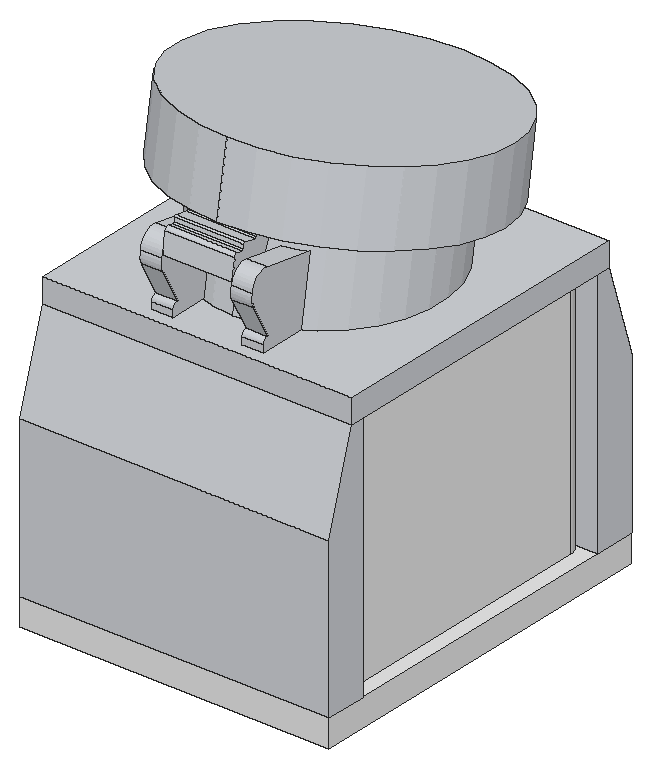
Revit family "Building-IEC309Connections-GEWISS-IEC309HP-10°_SURFACE-MOUNT_SOCKET_63A_IP67", category Apparecchi elettrici, host Superficie, Revit 2019
Family settings
  Host = Superficie
  Mantenere orientamento annotazione = Sì
  Quota connettore circolare = Usa diametro
  Tipo di parte = Normale
  Taglio con vuoti quando caricato = No
  Condiviso = No
  Punto di calcolo locali = Sì
Parameters (values of type "GW63455 - IP67 10°W.RECEPTACLE 3P+N+T 63A 500V 7H")
  simbolo acceso [instance] = yes
  distanza_simbolo [instance] = 1 mm
  distanza dal piano [instance] = 0 mm
  W = 115 mm  # constant formula
  Version file RFA = "21.11"
  URL = "https://www.gewiss.com/ww/en"
  Typology = "10° angled surface-mounting socket-outlet"
  Type of wiring = "With screw"
  Total number of operations = "-2000"
  Thermo-pressure with ball = "125 °C (active parts) - 80 °C (passive parts)"
  Terminal tightening capacity = "6-16mm² flexible cables - 6-25mm² rigid cables"
  Technical sheet = "https://www.gewiss.com/ww/en/search?q=GW63455"
  Spostamento_effettivo_S [instance] = 4000 mm - Spostamento_S  # 3045 mm
  Spostamento_S = 955 mm
  Sportello_visibile = yes
  Shock resistance = "IK08"
  SPinotto = Default(2)
  SEO = "Socket outlet"
  Reference h = "7"
  Realized by GEWISS S.p.A. = ""
  Rated voltage = "480-500V"
  Rated current (A) = "63"
  Prospetto di default = 500 mm
  Produttore = "GEWISS S.p.A."
  Product in stock = ""
  Piastra = Default(2)
  Operating temperature: = "-25 +55 °C"
  No. of poles = "3P+N+E"
  Model = "GW63455"
  L = 155 mm  # constant formula
  Insulation resistance = "- 10 M?"
  Immagine tipo = (empty or 0)
  IP degree = "IP67"
  IDT = "15153d86c57c49878308f32a8a00a04c"
  IDF = "a99b4e51-d2f9-480d-8e29-7017fde74b5e"
  Glow wire test: = "850 °C (active parts) - 650 °C (passive parts)"
  Frequency = "50/60 Hz"
  FORMULA = 1000 mm * 1  # 1000 mm
  Electrocod = "2211"
  Description = "IP67 10°W.RECEPTACLE 3P+N+T 63A 500V 7H"
  Corpo centrale = Default(2)
  Colour: = "Black"
  Catalogue = "BUILDING"
  COBie.Tagnumber = ""
  COBie.CreatedOn = ""
  COBie.CreatebBy = ""
  COBie.ComponentRegisterItemID = ""
  COBie.Component.TagNumber = ""
  COBie.Component.Space = ""
  COBie.Component.SerialNumber = ""
  COBie.Component.InstallationDate = ""
  COBie.Component.Description = ""
  COBie.Component.BarCode = ""
  Breaking capacity at 1.1 Un = "79A"
  BLOCCO = "B=C"
Types (11, lengths in mm): name | Technical sheet | Reference h | Rated voltage | Operating temperature: | No. of poles | Model | IDT | Description | Colour:
  GW63445 - IP67 10°W.RECEPTACLE 2P+E 63A 110V 4H | "https://www.gewiss.com/ww/en/search?q=GW63445" | "4" | "100-130V" | "-25 +55 °C" | "2P+E" | "GW63445" | "8ff042aae6ac4c248c782e1c43dc5ece" | "IP67 10°W.RECEPTACLE 2P+E 63A 110V 4H" | "Yellow"
  GW63446 - IP67 10°W.RECEPTACLE 3P+E 63A 110V 4H | "https://www.gewiss.com/ww/en/search?q=GW63446" | "4" | "100-130V" | "-25 +55 °C" | "3P+E" | "GW63446" | "d4083f72ce60417e982ef3a30cb30fec" | "IP67 10°W.RECEPTACLE 3P+E 63A 110V 4H" | "Yellow"
  GW63447 - IP67 10°W.RECEPTACLE 3P+N+T 63A 110V 4H | "https://www.gewiss.com/ww/en/search?q=GW63447" | "4" | "100-130V" | "-25 +55 °C" | "3P+N+E" | "GW63447" | "2a76dd4a0eaa4ca796a549f6f6cbe8bf" | "IP67 10°W.RECEPTACLE 3P+N+T 63A 110V 4H" | "Yellow"
  GW63448 - IP67 10°W.RECEPTACLE 2P+E 63A 230V 6H | "https://www.gewiss.com/ww/en/search?q=GW63448" | "6" | "200-250V" | "-25 +55 °C" | "2P+E" | "GW63448" | "09d5438df8d14208906a7a717bcd7d22" | "IP67 10°W.RECEPTACLE 2P+E 63A 230V 6H" | "Blue"
  GW63449 - IP67 10°W.RECEPTACLE 3P+E 63A 230V 9H | "https://www.gewiss.com/ww/en/search?q=GW63449" | "9" | "200-250V" | "-25 +55 °C" | "3P+E" | "GW63449" | "5f964db3f1e146ab9a7746342c1b292e" | "IP67 10°W.RECEPTACLE 3P+E 63A 230V 9H" | "Blue"
  GW63450 - IP67 10°W.RECEPTACLE 3P+N+T 63A 230V 9H | "https://www.gewiss.com/ww/en/search?q=GW63450" | "9" | "200-250V" | "-25 +55 °C" | "3P+N+E" | "GW63450" | "890dbf9ca88e4dfdbd2b79f02c95ef3f" | "IP67 10°W.RECEPTACLE 3P+N+T 63A 230V 9H" | "Blue"
  GW63451 - IP67 10°W.RECEPTACLE 2P+E 63A 400V 9H | "https://www.gewiss.com/ww/en/search?q=GW63451" | "9" | "380-415V" | "-25 +55 °C" | "2P+E" | "GW63451" | "7c9f5a66c0f14478a99335c7a54bd66c" | "IP67 10°W.RECEPTACLE 2P+E 63A 400V 9H" | "Red"
  GW63452 - IP67 10°W.RECEPTACLE 3P+E 63A 400V 6H | "https://www.gewiss.com/ww/en/search?q=GW63452" | "6" | "380-415V" | "-25 +55 °C" | "3P+E" | "GW63452" | "b4e37fa85a2b42949da5b6e04df34645" | "IP67 10°W.RECEPTACLE 3P+E 63A 400V 6H" | "Red"
  GW63453 - IP67 10°W.RECEPTACLE 3P+N+T 63A 400V 6H | "https://www.gewiss.com/ww/en/search?q=GW63453" | "6" | "380-415V" | "-25 +40 °C" | "3P+N+E" | "GW63453" | "1653f39ed9454284b4bbc84ea57d8a66" | "IP67 10°W.RECEPTACLE 3P+N+T 63A 400V 6H" | "Red"
  GW63454 - IP67 10°W.RECEPTACLE 3P+E 63A 500V 7H | "https://www.gewiss.com/ww/en/search?q=GW63454" | "7" | "480-500V" | "-25 +55 °C" | "3P+E" | "GW63454" | "6c43a565a56c459c81ac792d6e149e6e" | "IP67 10°W.RECEPTACLE 3P+E 63A 500V 7H" | "Black"
  GW63455 - IP67 10°W.RECEPTACLE 3P+N+T 63A 500V 7H | "https://www.gewiss.com/ww/en/search?q=GW63455" | "7" | "480-500V" | "-25 +55 °C" | "3P+N+E" | "GW63455" | "15153d86c57c49878308f32a8a00a04c" | "IP67 10°W.RECEPTACLE 3P+N+T 63A 500V 7H" | "Black"
Reference planes
  plane 1 "Centro (Fronte/Retro)": y = 0
  plane 2: z = 0
  plane 3 "Centro (Sinistra/Destra)": x = 0
  plane 4: x = -3000
  plane 5: x = 45
  plane 6: z = 0
Dimensions and locks
  plane 4 to plane 3 "Centro (Sinistra/Destra)" = 3000 mm
  "Spostamento_effettivo_S": plane 4 to plane 5
  "distanza dal piano": plane 6 to plane 2
  aligned and locked: plane 2 to host face
  aligned and locked: level to host face
  aligned and locked: plane 3 "Centro (Sinistra/Destra)" to nested 1
  aligned and locked: plane 1 "Centro (Fronte/Retro)" to nested 1
  aligned and locked: nested 2 to plane 5
  aligned and locked: plane 1 "Centro (Fronte/Retro)" to nested 3
  aligned and locked: plane 3 "Centro (Sinistra/Destra)" to nested 3
Automatic sketch dimensions
  host sketch curve to host sketch curve = 2438.4 mm  (x2)
Nested families
  nested 1: "IEC309 PRESE FISSE PARETE 10' 63A IP67_base" at (0, 0, 0), type "IEC309 PRESE FISSE PARETE 10' 63A IP67_base"
  nested 2: "GWGW62201FH - SIMBOLO_PRESA" at (45, 171.559, 0), visible <- "simbolo acceso", Distanza dal muro <- "distanza_simbolo", type "3P"
    with SIMBOLO ACCESO yes, Distanza dal muro 1 mm
  nested 3: "IEC309 PRESE FISSE PARETE 10' 63A IP67_frontale" at (0, 0, 0), type "IEC309 PRESE FISSE PARETE 10' 63A IP67_frontale"
Connectors
  electrical at (37.5, 30, 0)
    settings: on nested 1, index 1, voltage 0 V, apparent load 0 VA, apparent load phase1 0 VA, apparent load phase2 0 VA, apparent load phase3 0 VA, power factor 1, load classification "Altro", number of poles 1, system type 31, power factor state 1, is connector primary yes, connector utility no, sub classification motor no, connector description ""
Definition of nested family "IEC309 PRESE FISSE PARETE 10' 63A IP67_base"
  Parameters (values of type "IEC309 PRESE FISSE PARETE 10' 63A IP67_base")
    sp_ghiera = 16 mm
    r2 = 42.5 mm
    h = 140 mm  # constant formula
    dis_base = 71 mm
    Sportello = yes
    Spinotto = none
    R1 = 56 mm
    PIASTRA = none
    Lunghezza totale = 140 mm
    CENTRALE = none
    Bsae = 115 mm  # constant formula
  Reference planes
    plane 1 "Centro (Fronte/Retro)": y = 0
    plane 2: z = 0
    plane 3 "Centro (Sinistra/Destra)": x = 0
    plane 4: x = 115
    plane 5: y = 140
    plane 6: x = 57.5
    plane 7: y = 134.875
    plane 8: y = 5.75
    plane 9: x = 5.75
    plane 10: x = 109
    plane 11: z = 10
    plane 12: y = 124.875
    plane 13: y = 15.75
    plane 14: z = 103
    plane 15: x = 7.498
    plane 16: y = 121.875
    plane 17: x = 107.498
    plane 18: z = 75.463
    plane 19: x = 40.01
    plane 20: x = 74.99
    plane 21: x = 12.474
    plane 22: x = 102.474
    plane 23: z = 112.088
    plane 24: y = 10.649
    plane 25: y = 129.976
  Forms (mm)
    Extrusion 1, solid, material <- "PIASTRA"
      sketch origin (0, 0, 0) x (1, 0, 0) y (0, 1, 0)
        loop
          line (0, 140) -> (0, 0) -> (115, 0) -> (115, 140) -> (0, 140)
      from 0 to 10
    Extrusion 2, void
      sketch origin (0, 0, 0) x (1, 0, 0) y (0, 1, 0)
        loop
          circle (5.75, 134.875) r 2.8
        loop
          circle (109, 134.875) r 2.8
        loop
          circle (5.75, 5.75) r 2.8
        loop
          circle (109, 5.75) r 2.8
      from 0 to 10
    Extrusion 3, solid, material <- "PIASTRA"
      sketch origin (0, 0, 0) x (1, 0, 0) y (0, 1, 0)
        loop
          line (5.75, 119.875) -> (5.75, 20.75)
          arc (5.75, 20.75) -> (7.214, 17.214) -> (10.75, 15.75) r 5
          line (10.75, 15.75) -> (104, 15.75)
          arc (104, 15.75) -> (107.536, 17.214) -> (109, 20.75) r 5
          line (109, 20.75) -> (109, 119.875)
          arc (109, 119.875) -> (107.536, 123.411) -> (104, 124.875) r 5
          line (104, 124.875) -> (10.75, 124.875)
          arc (10.75, 124.875) -> (7.214, 123.411) -> (5.75, 119.875) r 5
      from 10 to 103
    Extrusion 4, solid, material <- "PIASTRA"
      sketch origin (0, 0, 0) x (1, 0, 0) y (0, 1, 0)
        loop
          arc (12.498, 124.875) -> (8.962, 123.411) -> (7.498, 119.875) r 5
          line (7.498, 119.875) -> (7.498, 20.75)
          arc (7.498, 20.75) -> (8.962, 17.214) -> (12.498, 15.75) r 5
          line (12.498, 15.75) -> (102.498, 15.75)
          arc (102.498, 15.75) -> (106.033, 17.214) -> (107.498, 20.75) r 5
          line (107.498, 20.75) -> (107.498, 119.875)
          arc (107.498, 119.875) -> (106.033, 123.411) -> (102.498, 124.875) r 5
          line (102.498, 124.875) -> (12.498, 124.875)
      from 103 to 75.463
    Extrusion 5, solid
      sketch origin (0, 0, 0) x (1, 0, 0) y (0, 1, 0)
        loop
          line (0, 129.976) -> (0, 10.649) -> (115, 10.649) -> (115, 129.976) -> (0, 129.976)
      from 103 to 112.088
    Extrusion 6, solid
      sketch origin (0, 0, 0) x (0, 1, 0) y (0, 0, 1)
        loop
          line (0, 10) -> (15.75, 10) -> (15.75, 103) -> (10.649, 103) -> (0, 69.243) -> (0, 10)
      from 0 to 115
    Extrusion 7, solid
      sketch origin (0, 140.625, 0) x (0, -1, 0) y (0, 0, -1)
        loop
          line (0, -10) -> (0, -69.243) -> (10.649, -103) -> (15.75, -103) -> (15.75, -10) -> (0, -10)
      from 0 to 115
    Sweep 8, solid
      path origin (0, 0, 0) x (0, 1, 0) y (0, 0, 1)
        loop
          line (74.7, 136.968) -> (79.301, 163.066)
      profile origin (0, 77, 150.017) x (0, -0.984808, 0.173648) y (1, 0, 0)
        loop
          circle (0, 57.5) r 56
    Sweep 9, solid
      path origin (0, 0, 0) x (0, 1, 0) y (0, 0, 1)
        loop
          line (74.7, 136.968) -> (68.71, 103)
      profile origin (0, 71.705, 119.984) x (0, 0.984808, -0.173648) y (1, 0, 0)
        loop
          circle (0, 57.5) r 42.5
    Extrusion 10, solid
      sketch origin (0, 0, 0) x (0, 1, 0) y (0, 0, 1)
        loop
          arc (17.392, 116.588) -> (15.978, 116.002) -> (15.392, 114.588) r 2
          line (15.392, 114.588) -> (15.392, 112.088) -> (32.887, 112.088) -> (37.17, 136.376) -> (17.375, 139.867)
          arc (17.375, 139.867) -> (12.493, 138.568) -> (10.333, 134) r 6
          arc (10.333, 134) -> (10.002, 131.546) -> (10.69, 129.167) r 6
          line (10.69, 129.167) -> (17.392, 116.588)
      from 36.752 to 44.645
    Extrusion 11, solid
      sketch origin (115, 0, 0) x (0, 1, 0) y (0, 0, -1)
        loop
          line (17.392, -116.588) -> (10.69, -129.167)
          arc (10.69, -129.167) -> (10.002, -131.546) -> (10.333, -134) r 6
          arc (10.333, -134) -> (12.493, -138.568) -> (17.375, -139.867) r 6
          line (17.375, -139.867) -> (37.17, -136.376) -> (32.887, -112.088) -> (15.392, -112.088) -> (15.392, -114.588)
          arc (15.392, -114.588) -> (15.978, -116.002) -> (17.392, -116.588) r 2
      from 36.752 to 44.645
    Extrusion 12, solid
      sketch origin (0, 0, 0) x (0, 1, 0) y (0, 0, 1)
        loop
          line (22.35, 146.199) -> (22.159, 145.114)
          arc (22.159, 145.114) -> (21.954, 144.793) -> (21.582, 144.71) r 0.5
          line (21.582, 144.71) -> (16.853, 145.543)
          arc (16.853, 145.543) -> (16.455, 145.443) -> (16.267, 145.078) r 0.5
          line (16.267, 145.078) -> (16.013, 143.661)
          arc (16.013, 143.661) -> (15.809, 143.339) -> (15.437, 143.254) r 0.5
          line (15.437, 143.254) -> (13.464, 143.602)
          arc (13.464, 143.602) -> (12.343, 143.354) -> (11.727, 142.386) r 1.5
          line (11.727, 142.386) -> (10.424, 135.001)
          arc (10.424, 135.001) -> (12.846, 138.842) -> (17.265, 139.886) r 6
          line (17.265, 139.886) -> (26.013, 138.343) -> (28.674, 145.084) -> (22.35, 146.199)
      from 44.645 to 70.355
  Cuts and joins
    Extrusion 2 cuts Extrusion 1
    joined: Extrusion 1, Extrusion 3
    joined: Extrusion 5, Sweep 9
  Dimensions and locks
    plane 3 "Centro (Sinistra/Destra)" to plane 4 = 115 mm
    plane 1 "Centro (Fronte/Retro)" to plane 5 = 140 mm
    equal spacing: plane 3 "Centro (Sinistra/Destra)", plane 6, plane 4
    locked: plane 3 "Centro (Sinistra/Destra)" to plane 9 at 5.75
    locked: plane 10 to plane 4 at 6
    locked: plane 1 "Centro (Fronte/Retro)" to plane 8 at 5.75
    locked: plane 5 to plane 7 at 5.125
    locked: plane 11 to level at 10
    "Bsae": plane 3 "Centro (Sinistra/Destra)" to plane 4
    "h": plane 1 "Centro (Fronte/Retro)" to plane 5
    locked: plane 12 to plane 7 at 10
    locked: plane 8 to plane 13 at 10
    locked: plane 14 to plane 11 at 93
    locked: plane 17 to plane 10 at 1.502
    locked: plane 12 to plane 16 at 3
    equal spacing: plane 19, plane 6, plane 20
    plane 19 to plane 20 = 34.979 mm
    locked: plane 9 to plane 21 at 6.724
    locked: plane 22 to plane 10 at 6.526
    plane 13 to plane 12 = 109.125 mm
    locked: plane 23 to plane 14 at 9.088
    diameter of cut or joined group of Extrusion 1, Extrusion 2, Extrusion 3 = 5.6 mm
    radius of Extrusion 3 sketch curve = 5 mm  (x3)
    radius of Extrusion 4 sketch curve = 5 mm  (x3)
    "R1": radius of Sweep 8 sketch curve
    "r2": radius of Sweep 9 sketch curve
    aligned and locked: level to plane 2
    aligned and locked: Extrusion 1 sketch curve to plane 3 "Centro (Sinistra/Destra)"
    aligned and locked: Extrusion 1 sketch curve to plane 5
    aligned and locked: Extrusion 1 sketch curve to plane 4
    aligned and locked: Extrusion 1 sketch curve to plane 1 "Centro (Fronte/Retro)"
    aligned and locked: plane 11 to Extrusion 1
    aligned and locked: plane 9 to Extrusion 2 sketch curve  (x2)
    aligned and locked: plane 7 to Extrusion 2 sketch curve  (x2)
    aligned and locked: plane 10 to Extrusion 2 sketch curve  (x2)
    aligned and locked: plane 8 to Extrusion 2 sketch curve  (x2)
    aligned and locked: cut or joined group of Extrusion 1, Extrusion 2, Extrusion 3 to level
    aligned and locked: Extrusion 1 to Extrusion 2
    aligned and locked: Extrusion 3 sketch curve to plane 9
    aligned and locked: Extrusion 3 sketch curve to plane 10
    aligned and locked: Extrusion 3 sketch curve to plane 13
    aligned and locked: plane 12 to Extrusion 3 sketch curve
    aligned and locked: plane 14 to Extrusion 3
    aligned and locked: Extrusion 3 to plane 11
    aligned and locked: Extrusion 4 sketch curve to plane 15
    aligned and locked: Extrusion 4 sketch curve to plane 17
    aligned and locked: Extrusion 4 to plane 14
    aligned and locked: Extrusion 4 to plane 18
    aligned and locked: Extrusion 5 sketch curve to plane 4
    aligned and locked: Extrusion 5 sketch curve to plane 3 "Centro (Sinistra/Destra)"
    aligned and locked: Extrusion 5 to plane 14
    aligned and locked: Extrusion 5 to plane 23
    aligned and locked: Extrusion 4 sketch curve to plane 13
    aligned and locked: plane 12 to Extrusion 4 sketch curve
    aligned and locked: Extrusion 6 sketch curve to plane 1 "Centro (Fronte/Retro)"
    aligned and locked: Extrusion 6 sketch curve to plane 13
    aligned and locked: Extrusion 6 sketch curve to plane 14
    aligned and locked: Extrusion 6 sketch curve to plane 11
    aligned and locked: Extrusion 6 to plane 3 "Centro (Sinistra/Destra)"
    aligned and locked: Extrusion 6 to plane 4
    aligned and locked: Extrusion 5 sketch curve to plane 24
    aligned and locked: plane 25 to Extrusion 5 sketch curve
    aligned and locked: plane 6 to Sweep 8 sketch curve
    aligned and locked: plane 6 to Sweep 9 sketch curve
    aligned and locked: Extrusion 12 to Extrusion 10
    aligned and locked: Extrusion 12 to Extrusion 11
  Automatic sketch dimensions
    plane 21 to Extrusion 3 sketch curve = 1.724 mm
    Extrusion 4 sketch curve to plane 21 = 0.024 mm
    Extrusion 6 sketch curve to plane 24 = 0 mm
    plane 18 to Extrusion 6 sketch curve = 6.221 mm
    Extrusion 7 sketch curve to plane 11 = 0 mm
    Extrusion 7 sketch curve to plane 14 = 0 mm
    Extrusion 7 sketch curve to plane 25 = 0 mm
    Extrusion 7 sketch curve to plane 12 = 0 mm
    Extrusion 7 sketch curve to plane 5 = 0.625 mm
    Extrusion 7 sketch curve to plane 18 = 6.221 mm
    Sweep 8 sketch curve to plane 16 = 47.175 mm
    Sweep 8 sketch curve to plane 23 = 24.881 mm
    Sweep 8 sketch curve to Sweep 8 sketch curve = 4.602 mm
    Sweep 8 sketch curve to Sweep 8 sketch curve = 26.097 mm
    Sweep 9 sketch curve to plane 14 = 0 mm
    Sweep 9 sketch curve to plane 13 = 52.96 mm
    Sweep 9 sketch curve to Sweep 9 sketch curve = 5.99 mm
    Sweep 9 sketch curve to plane 23 = 24.881 mm
    plane 23 to Extrusion 10 sketch curve = 0 mm
    plane 13 to Extrusion 10 sketch curve = 0.358 mm
    Extrusion 10 sketch curve to plane 13 = 0.236 mm
    Extrusion 10 sketch curve to plane 13 = 0.583 mm
    Extrusion 10 sketch curve to plane 13 = 1.642 mm  (x2)
    Extrusion 10 sketch curve to Extrusion 10 sketch curve = 15.495 mm
    Extrusion 10 sketch curve to Extrusion 10 sketch curve = 20.837 mm
    Extrusion 10 sketch curve to plane 23 = 2.5 mm
    Extrusion 10 sketch curve to Extrusion 10 sketch curve = 2 mm
    Extrusion 10 sketch curve to Extrusion 10 sketch curve = 15.401 mm
    Extrusion 10 sketch curve to Extrusion 10 sketch curve = 1.97 mm
    Extrusion 10 sketch curve to Extrusion 10 sketch curve = 2.418 mm
    Extrusion 10 sketch curve to plane 24 = 0.042 mm
    Extrusion 10 sketch curve to Extrusion 10 sketch curve = 0 mm  (x5)
    plane 24 to Extrusion 10 sketch curve = 0.316 mm
    Extrusion 10 sketch curve to plane 13 = 1.625 mm
    Extrusion 10 sketch curve to Extrusion 10 sketch curve = 2.821 mm
    plane 23 to Extrusion 11 sketch curve = 0 mm
    plane 13 to Extrusion 11 sketch curve = 0.358 mm
    Extrusion 11 sketch curve to plane 13 = 0.236 mm
    Extrusion 11 sketch curve to plane 13 = 0.583 mm
    Extrusion 11 sketch curve to plane 13 = 1.642 mm  (x2)
    Extrusion 11 sketch curve to Extrusion 11 sketch curve = 15.495 mm
    Extrusion 11 sketch curve to Extrusion 11 sketch curve = 20.837 mm
    Extrusion 11 sketch curve to plane 23 = 2.5 mm
    Extrusion 11 sketch curve to Extrusion 11 sketch curve = 2 mm
    Extrusion 11 sketch curve to Extrusion 11 sketch curve = 15.401 mm
    Extrusion 11 sketch curve to Extrusion 11 sketch curve = 1.97 mm
    Extrusion 11 sketch curve to Extrusion 11 sketch curve = 2.418 mm
    Extrusion 11 sketch curve to plane 24 = 0.042 mm
    Extrusion 11 sketch curve to Extrusion 11 sketch curve = 0 mm  (x5)
    plane 24 to Extrusion 11 sketch curve = 0.316 mm
    Extrusion 11 sketch curve to plane 13 = 1.625 mm
    Extrusion 11 sketch curve to Extrusion 11 sketch curve = 2.821 mm
    Extrusion 12 sketch curve to plane 24 = 1.078 mm
    Extrusion 12 sketch curve to Extrusion 12 sketch curve = 1.477 mm
    Extrusion 12 sketch curve to Extrusion 12 sketch curve = 0.261 mm
    plane 13 to Extrusion 12 sketch curve = 0.313 mm
    plane 13 to Extrusion 12 sketch curve = 0.229 mm
    Extrusion 12 sketch curve to plane 13 = 0.263 mm
    Extrusion 12 sketch curve to plane 13 = 0.517 mm
    Extrusion 12 sketch curve to Extrusion 12 sketch curve = 0.499 mm
    Extrusion 12 sketch curve to Extrusion 12 sketch curve = 0.087 mm
    Extrusion 12 sketch curve to Extrusion 12 sketch curve = 4.729 mm
    Extrusion 12 sketch curve to Extrusion 12 sketch curve = 0.085 mm
    Extrusion 12 sketch curve to Extrusion 12 sketch curve = 0.492 mm
    Extrusion 12 sketch curve to Extrusion 12 sketch curve = 0.26 mm
    Extrusion 12 sketch curve to Extrusion 12 sketch curve = 0.348 mm
    Extrusion 12 sketch curve to Extrusion 12 sketch curve = 0.406 mm
    Extrusion 12 sketch curve to Extrusion 12 sketch curve = 1.049 mm
    Extrusion 12 sketch curve to Extrusion 12 sketch curve = 1.39 mm
    Extrusion 12 sketch curve to Extrusion 12 sketch curve = 0.027 mm
    Extrusion 12 sketch curve to Extrusion 12 sketch curve = 0.404 mm
    Extrusion 12 sketch curve to Extrusion 12 sketch curve = 0.191 mm
    Extrusion 12 sketch curve to Extrusion 12 sketch curve = 1.085 mm
    Extrusion 12 sketch curve to plane 13 = 0.583 mm
    Extrusion 12 sketch curve to plane 13 = 1.515 mm
    Extrusion 12 sketch curve to Extrusion 12 sketch curve = 4.431 mm
    Extrusion 12 sketch curve to Extrusion 12 sketch curve = 6.324 mm
    Extrusion 12 sketch curve to Extrusion 12 sketch curve = 6.366 mm
    Extrusion 12 sketch curve to Extrusion 12 sketch curve = 1.115 mm
    Extrusion 12 sketch curve to Extrusion 12 sketch curve = 3.369 mm
    plane 24 to Extrusion 12 sketch curve = 0.224 mm
    Extrusion 12 sketch curve to plane 23 = 21.871 mm
    Extrusion 12 sketch curve to Extrusion 12 sketch curve = 1.042 mm
    Sweep 8 sketch curve to profile plane = 0 mm
    Sweep 9 sketch curve to profile plane = 0 mm
    radius of Extrusion 2 sketch curve = 2.8 mm  (x4)
Definition of nested family "GWGW62201FH - SIMBOLO_PRESA"
  Parameters (values of type "3P")
    SIMBOLO ACCESO [instance] = yes
    Distanza dal muro [instance] = 0 mm
  Reference planes
    plane 1: y = 0
    plane 2: x = 0
  Dimensions and locks
    "Distanza dal muro": plane 1 to nested 1
    aligned and locked: plane 2 to nested 1
  Nested families
    nested 1: "GWGW62201FH - SIMBOLO" at (0, 0, 0), visible <- "SIMBOLO ACCESO", type "3P"
  Definition of nested family "GWGW62201FH - SIMBOLO"
    Parameters (values of type "3P")
      CORNICE SIMBOLO [instance] = yes
      3P = yes
    Reference planes
      plane 1: y = 0
      plane 2: x = 0
    Lines and regions (mm)
      detail lines
        curve 1: circle (-0.314, 0.674, 0) r 0.057 normal (0, 0, 1)
        curve 2: arc (0.346, -0.009, 0) -> (0, 0.337, 0) -> (-0.346, -0.009, 0) r 0.346
        curve 3: line (0, 0.337, 0) -> (0.346, 0.337, 0)
        curve 4: line (0, 3.386, 0) -> (0, 0.337, 0)
        curve 5: line (0, 0.337, 0) -> (-0.314, 0.674, 0)
Definition of nested family "IEC309 PRESE FISSE PARETE 10' 63A IP67_frontale"
  Reference planes
    plane 1 "Centro (Fronte/Retro)": y = 0
    plane 2: z = 0
    plane 3 "Centro (Sinistra/Destra)": x = 0
  Dimensions and locks
    aligned and locked: import instance to plane 3 "Centro (Sinistra/Destra)"
